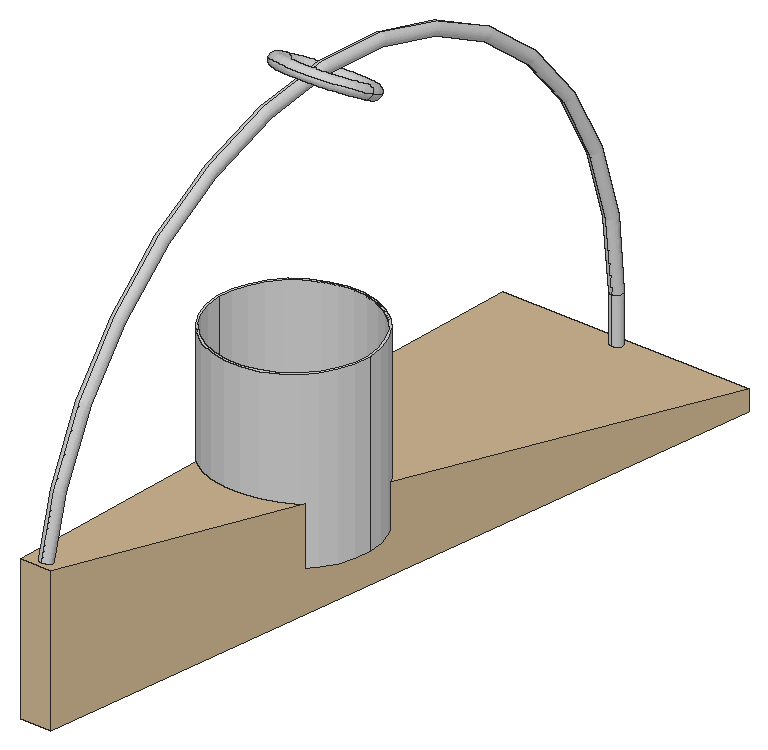
Revit family "VASO FLOR TRIANGULAR", category Modelos genéricos, Revit 2024
Family settings
  Pode hospedar o vergalhão = Não
  Cota do conector redondo = Utilizar diâmetro
  Tipo de parte = Normal
  Com base no plano de trabalho = Não
  Sempre na vertical = Sim
  Corte com vazios quando carregada = Não
  Manter orientação da anotação = Não
  Compartilhado = Não
  Ponto de cálculo do ambiente = Não
Parameters
  Elevação padrão = 0.0 cm
Reference planes (cm)
  plane 1 "Centro (Frente/Trás)": y = 0
  plane 2: z = 0
  plane 3 "Centro (Esquerda/Direita)": x = 0
Forms (cm)
  Extrusion 1, solid, material "MADEIRA NATURAL"
    sketch origin (5857.3537, -2674.3185, 3308.4206) x (-1, 0, 0) y (0, -1, 0)
      loop
        line (232.0302, 87.0595) -> (226.7802, 123.0595) -> (225.2802, 123.0595) -> (220.0302, 87.0595) -> (232.0302, 87.0595)
    from 0 to 7
  Extrusion 2, void
    sketch origin (5731.52, -2674.3185, 3228.4206) x (0, 0, 1) y (0, -1, 0)
      loop
        line (81, 87.0595) -> (87, 87.0595) -> (87, 123.0595) -> (81, 87.0595)
    from -154.1663 to 30
  Extrusion 3, void
    sketch origin (5857.3537, -2706.5974, 3310.4206) x (-1, 0, 0) y (0, -1, 0)
      loop
        circle (226.0302, 75.0306) r 3.75
    from 0 to 8.5
  Extrusion 4, solid, material ".aço inox_growarq"
    sketch origin (5857.3537, -2674.3185, 3310.4206) x (-1, 0, 0) y (0, -1, 0)
      loop
        circle (226.0302, 107.3095) r 3.75
      loop
        circle (226.0302, 107.3095) r 3.65
    from 0 to 8.5
  Extrusion 5, solid
    sketch origin (5857.3537, -2665.8185, 3310.4206) x (-1, 0, 0) y (0, -1, 0)
      loop
        circle (226.0302, 115.8095) r 3.65
    from 0 to 0.1
  Sweep 6, solid, material ".aço inox_growarq"
    path origin (5631.3325, -2674.3185, 3228.4206) x (0, 0, 1) y (0, -1, 0)
      loop
        arc (86.2692, 122.5947) -> (100.9756, 103.7867) -> (83.404, 87.6231) r 17.6008
        line (83.404, 87.6231) -> (81.0939, 87.6231)
    profile origin (5631.3325, -2778.1051, 3329.3961) x (0, 0.081655, 0.996661) y (1, 0, 0)
      loop
        circle (0, 0) r 0.3
  Sweep 7, solid, material ".aço inox_growarq"
    path origin (5870.8693, -2681.0078, 3272.0565) x (-1, 0, 0) y (0, -0.866025, 0.5)
      loop
        circle (239.5934, 113.8783) r 2
    profile origin (5631.2758, -2781.3613, 3329.9957) x (0, 0.866025, -0.5) y (0, 0.5, 0.866025)
      loop
        circle (0, 0) r 0.3
Cuts and joins
  Extrusion 2, Extrusion 3 cuts Extrusion 1
Dimensions and locks (cm)
  aligned and locked: level to plane 2
